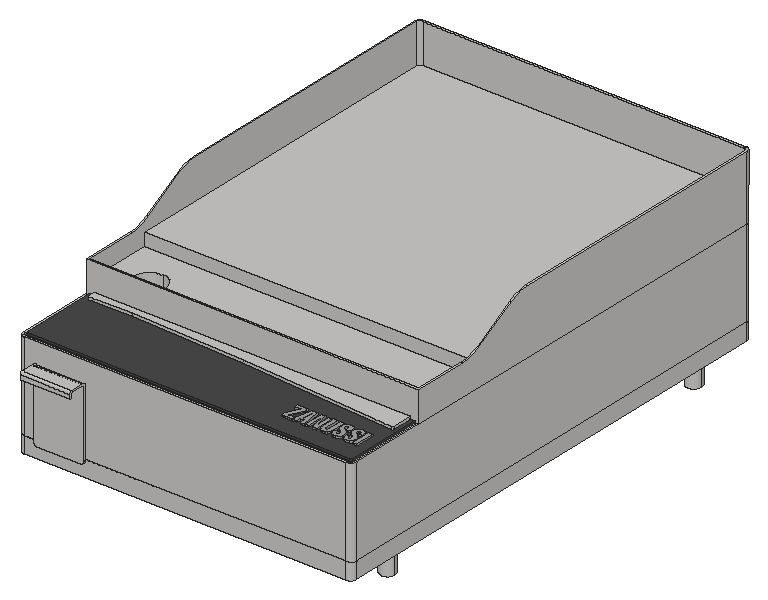
Revit family "QF_ZANUSSI_600898_Z1IREEOMCS", category Specialty Equipment, Revit 2018
Family settings
  Round Connector Dimension = Use Diameter
  Part Type = Normal
  Work Plane-Based = No
  Always vertical = Yes
  Cut with Voids When Loaded = No
  Shared = No
  Room Calculation Point = No
Parameters
  Watts = 0 W
  Volts = 0 V
  URL = ""
  Steam Supply Size = 0 mm
  Steam Supply Minimum Pressure = 0.0 Pa
  Steam Supply Maximum Pressure = 0.0 Pa
  Steam Pounds per Hour = 0
  Show Logo [instance] = yes
  Manufacturer = ""
  Phase = 0
  Model = ""
  Item Number = ""
  Hot Water Size = 0 mm
  HP = "4.7 HP"
  Gas Size = 0 mm
  Gas KW = 0
  Direct Waste Size = 0 mm
  Description = ""
  Cycle = 0 Hz
  Condensate Return Size = 0 mm
  Compressed Air Volume = 0.0 L/s
  Compressed Air Size = 0 mm
  Compressed Air Pressure = 0.0 Pa
  Cold Water Size = 0 mm
Types (2, lengths in mm): name | Volts | URL | Manufacturer | Phase | Model | Item Number | Description | Cycle
  (no name) | 0 V | "" | "" | 0 | "" | "" | "" | 0 Hz
  Standard | 220 V | "http://www.zanussiprofessional.com" | "Zanussi" | 1 | "Z1IREEOMCS" | "600898" | "PLUG-IN INDUCTION GRIDDLE, STAINLESS STEEL SMOOTH PLATE" | 60 Hz
Reference planes
  plane 1 "Centro (Fronte/Retro)": y = 74.737
  plane 2: z = 0
  plane 3: x = -514.269
  plane 4 "LEFT": x = -714.269
  plane 5 "RIGHT": x = -314.269
  plane 6 "BACK": y = 374.737
  plane 7 "FRONT": y = -225.263
  plane 8: x = -712.269
  plane 9: y = 372.737
  plane 10: x = -316.269
  plane 11: y = -223.263
  plane 12: y = -124.263
  plane 13: x = -701.269
  plane 14: x = -327.269
  plane 15: y = 304.737
  plane 16: y = -155.263
  plane 17: x = -442.269
  plane 18: y = 179.737
  plane 19: z = 764
Forms (mm)
  Extrusion 1, solid, material "QF_Finishes_Stainless Steel"
    sketch origin (0, 0, 788) x (1, 0, 0) y (0, 1, 0)
      loop
        arc (-707.269, 374.737) -> (-712.218, 372.687) -> (-714.269, 367.737) r 7
        line (-714.269, 367.737) -> (-714.269, -218.263)
        arc (-714.269, -218.263) -> (-712.218, -223.213) -> (-707.269, -225.263) r 7
        line (-707.269, -225.263) -> (-321.269, -225.263)
        arc (-321.269, -225.263) -> (-316.319, -223.213) -> (-314.269, -218.263) r 7
        line (-314.269, -218.263) -> (-314.269, 367.737)
        arc (-314.269, 367.737) -> (-316.319, 372.687) -> (-321.269, 374.737) r 7
        line (-321.269, 374.737) -> (-707.269, 374.737)
    from 0 to 20
  Extrusion 2, solid, material "QF_Finishes_Stainless Steel"
    sketch origin (0, 0, 788) x (1, 0, 0) y (0, 1, 0)
      loop
        line (-321.269, 374.737) -> (-707.269, 374.737)
        arc (-707.269, 374.737) -> (-712.218, 372.687) -> (-714.269, 367.737) r 7
        line (-714.269, 367.737) -> (-714.269, -218.263)
        arc (-714.269, -218.263) -> (-712.218, -223.213) -> (-707.269, -225.263) r 7
        line (-707.269, -225.263) -> (-321.269, -225.263)
        arc (-321.269, -225.263) -> (-316.319, -223.213) -> (-314.269, -218.263) r 7
        line (-314.269, -218.263) -> (-314.269, 367.737)
        arc (-314.269, 367.737) -> (-316.319, 372.687) -> (-321.269, 374.737) r 7
      loop
        arc (-707.269, 372.737) -> (-710.804, 371.273) -> (-712.269, 367.737) r 5
        line (-712.269, 367.737) -> (-712.269, -218.263)
        arc (-712.269, -218.263) -> (-710.804, -221.798) -> (-707.269, -223.263) r 5
        line (-707.269, -223.263) -> (-321.269, -223.263)
        arc (-321.269, -223.263) -> (-317.733, -221.798) -> (-316.269, -218.263) r 5
        line (-316.269, -218.263) -> (-316.269, 367.737)
        arc (-316.269, 367.737) -> (-317.733, 371.273) -> (-321.269, 372.737) r 5
        line (-321.269, 372.737) -> (-707.269, 372.737)
    from 20 to 126
  Extrusion 3, solid, material "QF_Finishes_Black"
    sketch origin (0, 0, 914) x (-1, 0, 0) y (0, -1, 0)
      loop
        line (709.269, 124.263) -> (709.269, 218.263)
        arc (709.269, 218.263) -> (708.683, 219.677) -> (707.269, 220.263) r 2
        line (707.269, 220.263) -> (321.269, 220.263)
        arc (321.269, 220.263) -> (319.854, 219.677) -> (319.269, 218.263) r 2
        line (319.269, 218.263) -> (319.269, 124.263) -> (709.269, 124.263)
    from 0 to 2
  Extrusion 4, solid, material "QF_Finishes_Stainless Steel"
    sketch origin (0, 0, 140) x (-1, 0, 0) y (0, -1, 0)
      loop
        circle (701.269, -304.737) r 9
      loop
        circle (327.269, -304.737) r 9
      loop
        circle (701.269, 155.263) r 9
      loop
        circle (327.269, 155.263) r 9
    from 624 to 648
  Extrusion 5, solid, material "QF_Finishes_Stainless Steel"
    sketch origin (0, 0, 140) x (-1, 0, 0) y (0, -1, 0)
      loop
        circle (442.269, -179.737) r 10
    from 638.028 to 648
  Extrusion 6, solid, material "QF_Finishes_Stainless Steel"
    sketch origin (0, 0, 140) x (-1, 0, 0) y (0, -1, 0)
      loop
        line (321.269, -374.737) -> (707.269, -374.737)
        arc (707.269, -374.737) -> (712.218, -372.687) -> (714.269, -367.737) r 7
        line (714.269, -367.737) -> (714.269, 124.263) -> (314.269, 124.263) -> (314.269, -367.737)
        arc (314.269, -367.737) -> (316.319, -372.687) -> (321.269, -374.737) r 7
      loop
        line (712.269, 122.263) -> (316.269, 122.263) -> (316.269, -367.737)
        arc (316.269, -367.737) -> (317.733, -371.273) -> (321.269, -372.737) r 5
        line (321.269, -372.737) -> (707.269, -372.737)
        arc (707.269, -372.737) -> (710.804, -371.273) -> (712.269, -367.737) r 5
        line (712.269, -367.737) -> (712.269, 122.263)
    from 774 to 851
  Extrusion 7, void
    sketch origin (-714.269, 367.737, 140) x (0, 1, 0) y (0, 0, 1)
      loop
        line (-492, 851) -> (-492, 811) -> (-425.278, 811)
        arc (-425.278, 811) -> (-412.445, 812.675) -> (-400.471, 817.588) r 50
        line (-400.471, 817.588) -> (-353.529, 844.412)
        arc (-353.529, 844.412) -> (-341.555, 849.325) -> (-328.722, 851) r 50
        line (-328.722, 851) -> (-492, 851)
    from 0 to 400
  Extrusion 8, solid, material "QF_Finishes_Stainless Steel"
    sketch origin (0, 0, 140) x (-1, 0, 0) y (0, -1, 0)
      loop
        line (712.269, -367.737) -> (712.269, 40.263) -> (316.269, 40.263) -> (316.269, -367.737)
        arc (316.269, -367.737) -> (317.733, -371.273) -> (321.269, -372.737) r 5
        line (321.269, -372.737) -> (707.269, -372.737)
        arc (707.269, -372.737) -> (710.804, -371.273) -> (712.269, -367.737) r 5
    from 774 to 804.06
  Extrusion 9, solid, material "QF_Finishes_Stainless Steel"
    sketch origin (0, 0, 140) x (-1, 0, 0) y (0, -1, 0)
      loop
        line (712.269, 40.263) -> (712.269, 122.263) -> (316.269, 122.263) -> (316.269, 40.263) -> (712.269, 40.263)
    from 774 to 789
  Extrusion 10, solid, material "QF_Finishes_Stainless Steel"
    sketch origin (-695.269, 367.737, 788) x (0, -1, 0) y (0, 0, 1)
      loop
        line (593, 14) -> (594.5, 14) -> (594.5, 99)
        arc (594.5, 99) -> (594.939, 100.061) -> (596, 100.5) r 1.5
        line (596, 100.5) -> (612, 100.5)
        arc (612, 100.5) -> (613.061, 100.061) -> (613.5, 99) r 1.5
        line (613.5, 99) -> (613.5, 94) -> (615, 94) -> (615, 99)
        arc (615, 99) -> (614.121, 101.121) -> (612, 102) r 3
        line (612, 102) -> (596, 102)
        arc (596, 102) -> (593.879, 101.121) -> (593, 99) r 3
        line (593, 99) -> (593, 14)
    from 0 to -60
  Extrusion 11, void
    sketch origin (-695.269, -226.763, 802) x (0, 0, 1) y (1, 0, 0)
      loop
        arc (4, 0) -> (1.172, 1.172) -> (0, 4) r 4
        line (0, 4) -> (0, 0) -> (4, 0)
      loop
        line (4, 60) -> (0, 60) -> (0, 56)
        arc (0, 56) -> (1.172, 58.828) -> (4, 60) r 4
    from 1.5 to 0
  Extrusion 12, void
    sketch origin (-695.269, -247.263, 890) x (0, 0, 1) y (1, 0, 0)
      loop
        arc (-4, 0) -> (-6.828, 1.172) -> (-8, 4) r 4
        line (-8, 4) -> (-8, 0) -> (-4, 0)
      loop
        line (-4, 60) -> (-8, 60) -> (-8, 56)
        arc (-8, 56) -> (-6.828, 58.828) -> (-4, 60) r 4
    from 0 to 1.5
  Extrusion 13, void
    sketch origin (3.3, 0, 929) x (0, -1, 0) y (-1, 0, 0)
      loop
        circle (91.263, 667.536) r 19
    from 0 to 71.307
  Extrusion 14, solid, material "QF_Finishes_Stainless Steel"
    sketch origin (0, 0, 914) x (-1, 0, 0) y (0, -1, 0)
      loop
        arc (702.769, 124.263) -> (703.829, 124.702) -> (704.269, 125.763) r 1.5
        line (704.269, 125.763) -> (704.269, 132.763)
        arc (704.269, 132.763) -> (703.829, 133.824) -> (702.769, 134.263) r 1.5
        line (702.769, 134.263) -> (651.769, 134.263)
        arc (651.769, 134.263) -> (582.973, 135.513) -> (514.269, 139.263) r 1893.125
        arc (514.269, 139.263) -> (420.209, 148.26) -> (325.769, 151.263) r 1486.51
        arc (325.769, 151.263) -> (324.708, 150.824) -> (324.269, 149.763) r 1.5
        line (324.269, 149.763) -> (324.269, 125.763)
        arc (324.269, 125.763) -> (324.708, 124.702) -> (325.769, 124.263) r 1.5
        line (325.769, 124.263) -> (702.769, 124.263)
    from 2 to 5
Cuts and joins
  Extrusion 7 cuts Extrusion 6
  Extrusion 11 cuts Extrusion 1
  Extrusion 11 cuts Extrusion 10
  Extrusion 13 cuts Extrusion 9
Lines and regions (mm)
  symbolic lines
    curve 1: line (-321.269, 374.737, 126) -> (-707.269, 374.737, 126)
    curve 2: arc (-707.269, 374.737, 126) -> (-712.218, 372.687, 126) -> (-714.269, 367.737, 126) r 7
    curve 3: line (-714.269, 367.737, 126) -> (-714.269, -218.263, 126)
    curve 4: arc (-714.269, -218.263, 126) -> (-712.218, -223.213, 126) -> (-707.269, -225.263, 126) r 7
    curve 5: line (-707.269, -225.263, 126) -> (-321.269, -225.263, 126)
    curve 6: arc (-321.269, -225.263, 126) -> (-316.319, -223.213, 126) -> (-314.269, -218.263, 126) r 7
    curve 7: line (-314.269, -218.263, 126) -> (-314.269, 367.737, 126)
    curve 8: arc (-314.269, 367.737, 126) -> (-316.319, 372.687, 126) -> (-321.269, 374.737, 126) r 7
    curve 9: line (-707.269, 372.737, 126) -> (-321.269, 372.737, 126)
    curve 10: arc (-321.269, 372.737, 126) -> (-317.733, 371.273, 126) -> (-316.269, 367.737, 126) r 5
    curve 11: line (-316.269, 367.737, 126) -> (-316.269, -218.263, 126)
    curve 12: arc (-316.269, -218.263, 126) -> (-317.733, -221.798, 126) -> (-321.269, -223.263, 126) r 5
    curve 13: line (-321.269, -223.263, 126) -> (-707.269, -223.263, 126)
    curve 14: arc (-707.269, -223.263, 126) -> (-710.804, -221.798, 126) -> (-712.269, -218.263, 126) r 5
    curve 15: line (-712.269, -218.263, 126) -> (-712.269, 367.737, 126)
    curve 16: arc (-712.269, 367.737, 126) -> (-710.804, 371.273, 126) -> (-707.269, 372.737, 126) r 5
    curve 17: line (-319.269, -218.263, 126) -> (-319.269, -124.263, 126)
    curve 18: line (-709.269, -124.263, 126) -> (-709.269, -218.263, 126)
    curve 19: arc (-709.269, -218.263, 126) -> (-708.683, -219.677, 126) -> (-707.269, -220.263, 126) r 2
    curve 20: line (-707.269, -220.263, 126) -> (-321.269, -220.263, 126)
    curve 21: arc (-321.269, -220.263, 126) -> (-319.854, -219.677, 126) -> (-319.269, -218.263, 126) r 2
    curve 22: line (-709.269, -124.263, 0) -> (-319.269, -124.263, 0)
    curve 23: line (-712.269, -40.263, 126) -> (-316.269, -40.263, 126)
    curve 24: arc (-664.236, -110.263, 126) -> (-683.236, -91.263, 126) -> (-664.236, -72.263, 126) r 19
    curve 25: arc (-664.236, -72.263, 126) -> (-645.236, -91.263, 126) -> (-664.236, -110.263, 126) r 19
    curve 26: line (-316.269, -122.263, 126) -> (-712.269, -122.263, 126)
    curve 27: line (-695.269, -225.263, 126) -> (-695.269, -247.263, 126)
    curve 28: line (-695.269, -247.263, 126) -> (-635.269, -247.263, 126)
    curve 29: line (-635.269, -247.263, 126) -> (-635.269, -225.263, 126)
    curve 30: arc (-702.769, -124.263, 126) -> (-703.829, -124.702, 126) -> (-704.269, -125.763, 126) r 1.5
    curve 31: line (-704.269, -125.763, 126) -> (-704.269, -132.763, 126)
    curve 32: arc (-704.269, -132.763, 126) -> (-703.829, -133.824, 126) -> (-702.769, -134.263, 126) r 1.5
    curve 33: line (-702.769, -134.263, 126) -> (-651.769, -134.263, 126)
    curve 34: arc (-324.269, -125.763, 126) -> (-324.708, -124.702, 126) -> (-325.769, -124.263, 126) r 1.5
    curve 35: line (-324.269, -149.763, 126) -> (-324.269, -125.763, 126)
    curve 36: arc (-325.769, -151.263, 126) -> (-324.708, -150.824, 126) -> (-324.269, -149.763, 126) r 1.5
    curve 37: arc (-651.769, -134.263, 126) -> (-582.973, -135.513, 126) -> (-514.269, -139.263, 126) r 1893.125
    curve 38: arc (-514.269, -139.263, 126) -> (-420.209, -148.26, 126) -> (-325.769, -151.263, 126) r 1486.51
    curve 39: line (-415.208, -176.613, 126) -> (-422.226, -191.352, 126)
    curve 40: line (-422.226, -191.352, 126) -> (-422.226, -196.265, 126)
    curve 41: line (-422.226, -196.265, 126) -> (-409.452, -196.265, 126)
    curve 42: line (-409.452, -196.265, 126) -> (-409.452, -191.352, 126)
    curve 43: line (-409.452, -191.352, 126) -> (-416.821, -191.352, 126)
    curve 44: line (-416.821, -191.352, 126) -> (-409.452, -176.332, 126)
    curve 45: line (-409.452, -176.332, 126) -> (-409.452, -172.261, 126)
    curve 46: line (-409.452, -172.261, 126) -> (-421.665, -172.261, 126)
    curve 47: line (-421.665, -172.261, 126) -> (-421.665, -176.753, 126)
    curve 48: line (-421.665, -176.753, 126) -> (-415.208, -176.613, 126)
    curve 49: line (-404.82, -172.261, 126) -> (-409.172, -196.265, 126)
    curve 50: line (-409.172, -196.265, 126) -> (-404.118, -196.265, 126)
    curve 51: line (-404.118, -196.265, 126) -> (-403.416, -191.633, 126)
    curve 52: line (-403.416, -191.633, 126) -> (-399.346, -191.633, 126)
    curve 53: line (-399.346, -191.633, 126) -> (-398.644, -196.265, 126)
    curve 54: line (-398.644, -196.265, 126) -> (-393.59, -196.265, 126)
    curve 55: line (-393.59, -196.265, 126) -> (-398.082, -172.261, 126)
    curve 56: line (-398.082, -172.261, 126) -> (-404.82, -172.261, 126)
    curve 57: line (-401.451, -176.364, 126) -> (-400.047, -187.281, 126)
    curve 58: line (-400.047, -187.281, 126) -> (-402.855, -187.281, 126)
    curve 59: line (-402.855, -187.281, 126) -> (-401.451, -176.364, 126)
    curve 60: line (-393.309, -172.261, 126) -> (-393.309, -196.265, 126)
    curve 61: line (-393.309, -196.265, 126) -> (-388.958, -196.265, 126)
    curve 62: line (-388.958, -196.265, 126) -> (-388.958, -180.403, 126)
    curve 63: line (-388.958, -180.403, 126) -> (-384.887, -196.265, 126)
    curve 64: line (-384.887, -196.265, 126) -> (-379.553, -196.265, 126)
    curve 65: line (-379.553, -196.265, 126) -> (-379.553, -172.261, 126)
    curve 66: line (-379.553, -172.261, 126) -> (-384.045, -172.261, 126)
    curve 67: line (-384.045, -172.261, 126) -> (-384.045, -187.562, 126)
    curve 68: line (-384.045, -187.562, 126) -> (-388.116, -172.261, 126)
    curve 69: line (-388.116, -172.261, 126) -> (-393.309, -172.261, 126)
    curve 70: line (-378.43, -172.261, 126) -> (-378.43, -188.404, 126)
    curve 71: line (-378.43, -188.404, 126) -> (-378.149, -192.334, 126)
    curve 72: line (-378.149, -192.334, 126) -> (-377.728, -193.317, 126)
    curve 73: line (-377.728, -193.317, 126) -> (-376.745, -194.58, 126)
    curve 74: line (-376.745, -194.58, 126) -> (-375.763, -195.282, 126)
    curve 75: line (-375.763, -195.282, 126) -> (-373.797, -196.124, 126)
    curve 76: line (-373.797, -196.124, 126) -> (-372.815, -196.265, 126)
    curve 77: line (-372.815, -196.265, 126) -> (-370.569, -196.265, 126)
    curve 78: line (-370.569, -196.265, 126) -> (-369.446, -195.984, 126)
    curve 79: line (-369.446, -195.984, 126) -> (-367.761, -195.001, 126)
    curve 80: line (-367.761, -195.001, 126) -> (-365.796, -192.194, 126)
    curve 81: line (-365.796, -192.194, 126) -> (-365.656, -191.211, 126)
    curve 82: line (-365.656, -191.211, 126) -> (-365.656, -172.261, 126)
    curve 83: line (-365.656, -172.261, 126) -> (-370.569, -172.261, 126)
    curve 84: line (-370.569, -172.261, 126) -> (-370.569, -190.088, 126)
    curve 85: line (-370.569, -190.088, 126) -> (-371.13, -191.352, 126)
    curve 86: line (-371.13, -191.352, 126) -> (-372.675, -191.492, 126)
    curve 87: line (-372.675, -191.492, 126) -> (-373.517, -190.509, 126)
    curve 88: line (-373.517, -190.509, 126) -> (-373.517, -172.261, 126)
    curve 89: line (-373.517, -172.261, 126) -> (-378.43, -172.261, 126)
    curve 90: line (-353.163, -184.895, 126) -> (-358.778, -179.841, 126)
    curve 91: line (-358.778, -179.841, 126) -> (-359.479, -178.999, 126)
    curve 92: line (-359.479, -178.999, 126) -> (-359.76, -176.753, 126)
    curve 93: line (-359.76, -176.753, 126) -> (-358.076, -175.911, 126)
    curve 94: line (-358.076, -175.911, 126) -> (-356.672, -176.893, 126)
    curve 95: line (-356.672, -176.893, 126) -> (-356.532, -179.841, 126)
    curve 96: line (-356.532, -179.841, 126) -> (-351.899, -179.841, 126)
    curve 97: line (-351.899, -179.841, 126) -> (-352.18, -175.068, 126)
    curve 98: line (-352.18, -175.068, 126) -> (-355.128, -172.401, 126)
    curve 99: line (-355.128, -172.401, 126) -> (-363.269, -173.805, 126)
    curve 100: line (-363.269, -173.805, 126) -> (-364.252, -180.824, 126)
    curve 101: line (-364.252, -180.824, 126) -> (-362.006, -184.052, 126)
    curve 102: line (-362.006, -184.052, 126) -> (-359.62, -186.158, 126)
    curve 103: line (-359.62, -186.158, 126) -> (-356.672, -189.106, 126)
    curve 104: line (-356.672, -189.106, 126) -> (-357.233, -191.773, 126)
    curve 105: line (-357.233, -191.773, 126) -> (-359.058, -191.913, 126)
    curve 106: line (-359.058, -191.913, 126) -> (-360.041, -187.842, 126)
    curve 107: line (-360.041, -187.842, 126) -> (-364.954, -187.842, 126)
    curve 108: line (-364.954, -187.842, 126) -> (-363.55, -194.44, 126)
    curve 109: line (-363.55, -194.44, 126) -> (-357.374, -196.265, 126)
    curve 110: line (-357.374, -196.265, 126) -> (-351.759, -192.334, 126)
    curve 111: line (-351.759, -192.334, 126) -> (-353.163, -184.895, 126)
    curve 112: line (-339.266, -184.754, 126) -> (-345.161, -179.42, 126)
    curve 113: line (-345.161, -179.42, 126) -> (-345.863, -177.595, 126)
    curve 114: line (-345.863, -177.595, 126) -> (-345.302, -176.191, 126)
    curve 115: line (-345.302, -176.191, 126) -> (-344.038, -175.911, 126)
    curve 116: line (-344.038, -175.911, 126) -> (-342.635, -176.893, 126)
    curve 117: line (-342.635, -176.893, 126) -> (-342.494, -179.701, 126)
    curve 118: line (-342.494, -179.701, 126) -> (-337.722, -179.841, 126)
    curve 119: line (-337.722, -179.841, 126) -> (-338.283, -174.928, 126)
    curve 120: line (-338.283, -174.928, 126) -> (-345.723, -171.98, 126)
    curve 121: line (-345.723, -171.98, 126) -> (-350.215, -175.63, 126)
    curve 122: line (-350.215, -175.63, 126) -> (-348.951, -182.929, 126)
    curve 123: line (-348.951, -182.929, 126) -> (-343.758, -187.562, 126)
    curve 124: line (-343.758, -187.562, 126) -> (-342.635, -189.246, 126)
    curve 125: line (-342.635, -189.246, 126) -> (-343.056, -191.773, 126)
    curve 126: line (-343.056, -191.773, 126) -> (-344.46, -192.054, 126)
    curve 127: line (-344.46, -192.054, 126) -> (-346.003, -187.702, 126)
    curve 128: line (-346.003, -187.702, 126) -> (-350.917, -187.842, 126)
    curve 129: line (-350.917, -187.842, 126) -> (-349.092, -194.721, 126)
    curve 130: line (-349.092, -194.721, 126) -> (-341.091, -195.703, 126)
    curve 131: line (-341.091, -195.703, 126) -> (-338.002, -192.896, 126)
    curve 132: line (-338.002, -192.896, 126) -> (-339.266, -184.754, 126)
    curve 133: line (-331.966, -172.261, 126) -> (-336.879, -172.261, 126)
    curve 134: line (-336.879, -172.261, 126) -> (-336.879, -196.265, 126)
    curve 135: line (-336.879, -196.265, 126) -> (-331.966, -196.265, 126)
    curve 136: line (-331.966, -196.265, 126) -> (-331.966, -172.261, 126)
Dimensions and locks
  equal spacing: plane 4 "LEFT", plane 3, plane 5 "RIGHT"
  plane 4 "LEFT" to plane 5 "RIGHT" = 400 mm
  equal spacing: plane 6 "BACK", plane 1 "Centro (Fronte/Retro)", plane 7 "FRONT"
  plane 6 "BACK" to plane 7 "FRONT" = 600 mm
  locked: plane 4 "LEFT" to plane 13 at 13
  locked: plane 14 to plane 5 "RIGHT" at 13
  locked: plane 6 "BACK" to plane 15 at 70
  locked: plane 16 to plane 7 "FRONT" at 70
  locked: plane 17 to plane 5 "RIGHT" at 128
  locked: plane 6 "BACK" to plane 18 at 195
  plane 19 to level = 764 mm
  aligned and locked: level to plane 2
Automatic sketch dimensions
  curve 22 to plane 12 = 0 mm
  plane 8 to curve 22 = 3 mm
  curve 22 to plane 10 = 3 mm
  curve 2 to curve 16 = 0 mm  (x2)
  curve 4 to curve 14 = 0 mm  (x2)
  curve 4 to curve 19 = 0 mm  (x2)
  curve 6 to curve 12 = 0 mm  (x2)
  curve 6 to curve 21 = 0 mm  (x2)
  curve 8 to curve 10 = 0 mm  (x2)
  curve 12 to curve 21 = 0 mm  (x2)
  curve 14 to curve 19 = 0 mm  (x2)
  curve 24 to curve 25 = 0 mm  (x2)
  curve 6 to plane 5 "RIGHT" = 0 mm
  curve 12 to plane 10 = 0 mm
  curve 17 to plane 12 = 0 mm
  curve 5 to plane 7 "FRONT" = 0 mm
  curve 8 to plane 6 "BACK" = 0 mm
  curve 34 to plane 12 = 0 mm
  curve 38 to plane 3 = 0 mm
  curve 30 to plane 12 = 0 mm
  curve 18 to plane 12 = 0 mm
  curve 16 to plane 8 = 0 mm
  curve 12 to curve 17 = 3 mm
  curve 21 to curve 6 = 2 mm
  curve 8 to plane 9 = 5 mm
  plane 14 to curve 35 = 3 mm
  curve 34 to plane 12 = 1.5 mm
  curve 36 to curve 36 = 1.5 mm
  curve 135 to plane 14 = 4.698 mm
  curve 135 to curve 135 = 4.913 mm
  curve 133 to curve 119 = 0.842 mm
  curve 134 to curve 132 = 1.123 mm
  curve 133 to curve 120 = 1.404 mm
  curve 118 to curve 132 = 1.544 mm
  curve 131 to curve 130 = 3.088 mm
  curve 118 to curve 118 = 4.773 mm
  curve 117 to curve 116 = 0.141 mm
  curve 112 to curve 125 = 3.369 mm
  curve 124 to curve 126 = 0.421 mm
  curve 124 to curve 124 = 1.123 mm
  curve 116 to curve 116 = 1.404 mm
  curve 125 to curve 127 = 1.404 mm
  curve 117 to curve 113 = 2.667 mm
  curve 115 to curve 114 = 1.263 mm
  curve 114 to curve 121 = 0.421 mm
  curve 114 to curve 114 = 0.562 mm
  curve 123 to curve 127 = 2.246 mm
  curve 112 to curve 122 = 3.79 mm
  curve 126 to curve 129 = 4.632 mm
  curve 113 to curve 121 = 4.352 mm
  curve 127 to curve 128 = 4.913 mm
  curve 129 to curve 111 = 2.667 mm
  curve 122 to curve 97 = 2.948 mm
  curve 121 to curve 98 = 1.965 mm
  curve 128 to curve 90 = 2.246 mm
  curve 97 to curve 99 = 2.948 mm
  curve 96 to curve 95 = 4.632 mm
  curve 95 to curve 95 = 0.14 mm
  curve 90 to curve 103 = 3.509 mm
  curve 103 to curve 105 = 0.562 mm
  curve 104 to curve 110 = 0.14 mm
  curve 94 to curve 94 = 1.404 mm
  curve 95 to curve 91 = 2.246 mm
  curve 104 to curve 106 = 1.825 mm
  curve 90 to curve 91 = 0.702 mm
  curve 103 to curve 103 = 2.948 mm
  curve 93 to curve 92 = 1.684 mm
  curve 102 to curve 106 = 0.421 mm
  curve 102 to curve 101 = 2.386 mm
  curve 92 to curve 100 = 3.509 mm
  curve 105 to curve 109 = 4.492 mm
  curve 101 to curve 101 = 2.246 mm
  curve 101 to curve 108 = 2.948 mm
  curve 99 to curve 83 = 2.386 mm
  curve 81 to curve 81 = 0.14 mm
  curve 80 to curve 80 = 1.965 mm
  curve 79 to curve 78 = 1.685 mm
  curve 81 to curve 85 = 4.913 mm
  curve 78 to curve 78 = 1.123 mm
  curve 84 to curve 86 = 0.561 mm
  curve 85 to curve 87 = 1.544 mm
  curve 77 to curve 77 = 2.246 mm
  curve 86 to curve 87 = 0.842 mm
  curve 76 to curve 75 = 0.982 mm
  curve 75 to curve 74 = 1.965 mm
  curve 74 to curve 74 = 0.983 mm
  curve 73 to curve 72 = 0.983 mm
  curve 72 to curve 71 = 0.421 mm
  curve 71 to curve 70 = 0.281 mm
  curve 70 to curve 65 = 1.123 mm
  curve 65 to curve 66 = 4.492 mm
  curve 64 to curve 64 = 5.334 mm
  curve 66 to curve 69 = 4.071 mm
  curve 63 to curve 62 = 4.071 mm
  curve 61 to curve 60 = 4.352 mm
  curve 60 to curve 54 = 0.281 mm
  curve 55 to plane 16 = 16.998 mm
  curve 60 to curve 55 = 4.773 mm
  curve 54 to curve 54 = 5.053 mm
  curve 53 to curve 52 = 0.702 mm
  curve 52 to curve 58 = 0.702 mm
  curve 55 to curve 59 = 3.369 mm
  curve 57 to curve 58 = 2.807 mm
  curve 52 to curve 52 = 4.071 mm
  curve 51 to curve 51 = 0.702 mm
  curve 57 to curve 49 = 3.369 mm
  curve 50 to curve 50 = 5.054 mm
  curve 49 to curve 45 = 4.632 mm
  curve 49 to curve 42 = 0.281 mm
  curve 44 to curve 48 = 5.755 mm
  curve 42 to curve 43 = 7.368 mm
  curve 39 to curve 48 = 6.457 mm
  curve 43 to curve 41 = 5.406 mm
  curve 29 to plane 7 "FRONT" = 22 mm
  plane 13 to curve 29 = 66 mm
  plane 13 to curve 37 = 49.5 mm
  plane 13 to curve 24 = 37.033 mm
  plane 13 to curve 27 = 6 mm
  curve 33 to plane 13 = 1.5 mm
  curve 30 to plane 13 = 1.5 mm
  curve 32 to curve 31 = 1.5 mm
  plane 8 to curve 16 = 5 mm
  curve 14 to curve 18 = 2 mm
  plane 6 "BACK" to curve 38 = 960.51 mm
  plane 12 to curve 24 = 33 mm
  curve 30 to curve 32 = 7 mm
  plane 16 to curve 35 = 5.5 mm
  curve 121 to plane 16 = 16.717 mm
  curve 88 to plane 16 = 16.998 mm
  curve 88 to curve 84 = 0 mm
  curve 120 to curve 133 = 0.281 mm
  curve 45 to curve 49 = 0 mm
  curve 55 to curve 60 = 0 mm
  curve 68 to curve 67 = 0 mm
  curve 120 to curve 98 = 0.421 mm
  curve 82 to curve 99 = 1.544 mm
  curve 133 to curve 119 = 2.667 mm
  curve 98 to curve 98 = 2.667 mm
  curve 97 to curve 122 = 0.561 mm
  curve 120 to curve 115 = 3.93 mm
  curve 98 to curve 93 = 3.509 mm
  curve 115 to curve 114 = 0.281 mm
  curve 45 to curve 44 = 4.071 mm
  curve 55 to curve 59 = 4.103 mm
  curve 44 to curve 39 = 0.281 mm
  curve 93 to curve 93 = 0.842 mm
  curve 46 to curve 48 = 4.492 mm
  curve 93 to curve 94 = 0.983 mm
  curve 115 to curve 116 = 0.983 mm
  curve 114 to curve 114 = 1.404 mm
  curve 92 to curve 91 = 2.246 mm
  curve 113 to curve 112 = 1.825 mm
  curve 112 to curve 118 = 0.281 mm
  curve 121 to curve 96 = 4.211 mm
  curve 117 to curve 119 = 0.14 mm
  curve 91 to curve 90 = 0.842 mm
  curve 68 to curve 62 = 8.142 mm
  curve 91 to curve 100 = 1.825 mm
  curve 96 to curve 122 = 3.088 mm
  curve 100 to curve 101 = 3.228 mm
  curve 118 to curve 112 = 4.913 mm
  curve 122 to curve 90 = 1.965 mm
  curve 101 to curve 102 = 2.106 mm
  curve 57 to curve 59 = 10.917 mm
  curve 62 to curve 68 = 7.159 mm
  curve 112 to curve 124 = 2.807 mm
  curve 123 to curve 128 = 0.14 mm
  curve 90 to curve 128 = 2.948 mm
  curve 101 to curve 108 = 3.79 mm
  curve 67 to curve 70 = 0.842 mm
  curve 106 to curve 103 = 1.264 mm
  curve 123 to curve 124 = 1.685 mm
  curve 107 to curve 84 = 2.246 mm
  curve 84 to curve 87 = 0.421 mm
  curve 107 to curve 81 = 3.369 mm
  curve 47 to curve 39 = 14.599 mm
  curve 58 to curve 43 = 4.071 mm
  curve 84 to curve 85 = 1.263 mm
  curve 87 to curve 87 = 0.983 mm
  curve 57 to curve 53 = 4.352 mm
  curve 124 to curve 125 = 2.527 mm
  curve 103 to curve 104 = 2.667 mm
  curve 104 to curve 105 = 0.14 mm
  curve 125 to curve 126 = 0.281 mm
  curve 81 to curve 80 = 0.982 mm
  curve 128 to curve 110 = 4.492 mm
  curve 70 to curve 72 = 3.93 mm
  curve 125 to curve 131 = 1.123 mm
  curve 71 to curve 73 = 0.983 mm
  curve 80 to curve 109 = 2.246 mm
  curve 72 to curve 74 = 1.263 mm
  curve 110 to curve 130 = 2.386 mm
  curve 80 to curve 79 = 2.808 mm
  curve 73 to curve 75 = 0.702 mm
  curve 131 to curve 131 = 2.807 mm
  curve 79 to curve 79 = 0.983 mm
  curve 74 to curve 76 = 0.842 mm
  curve 52 to curve 61 = 4.632 mm
  curve 78 to curve 77 = 0.281 mm
  curve 52 to curve 54 = 4.632 mm
  curve 51 to curve 50 = 4.632 mm
  curve 61 to curve 63 = 0 mm
  curve 104 to curve 109 = 4.492 mm
  curve 42 to curve 49 = 0 mm
  curve 131 to curve 134 = 3.369 mm
  curve 28 to curve 37 = 1780.125 mm
  curve 23 to curve 24 = 51 mm
  curve 24 to curve 24 = 19 mm
  plane 12 to curve 26 = 2 mm
  Extrusion 1 sketch curve to plane 4 "LEFT" = 0 mm
  Extrusion 1 sketch curve to plane 7 "FRONT" = 0 mm
  Extrusion 1 sketch curve to plane 6 "BACK" = 0 mm
  Extrusion 1 sketch curve to plane 5 "RIGHT" = 0 mm
  plane 8 to Extrusion 1 sketch curve = 5 mm  (x2)
  Extrusion 1 sketch curve to plane 10 = 5 mm  (x2)
  Extrusion 2 sketch curve to Extrusion 2 sketch curve = 0 mm  (x8)
  Extrusion 2 sketch curve to plane 4 "LEFT" = 0 mm
  Extrusion 2 sketch curve to plane 8 = 0 mm
  Extrusion 2 sketch curve to plane 6 "BACK" = 0 mm
  Extrusion 2 sketch curve to plane 7 "FRONT" = 0 mm
  Extrusion 2 sketch curve to plane 10 = 0 mm
  Extrusion 2 sketch curve to Extrusion 2 sketch curve = 5 mm  (x2)
  Extrusion 2 sketch curve to plane 10 = 5 mm  (x2)
  Extrusion 3 sketch curve to plane 12 = 0 mm
  Extrusion 3 sketch curve to plane 10 = 3 mm
  Extrusion 3 sketch curve to Extrusion 3 sketch curve = 2 mm  (x2)
  plane 8 to Extrusion 3 sketch curve = 5 mm
  plane 11 to Extrusion 3 sketch curve = 5 mm
  Extrusion 4 sketch curve to plane 14 = 0 mm  (x2)
  Extrusion 4 sketch curve to plane 13 = 0 mm  (x2)
  Extrusion 4 sketch curve to plane 15 = 0 mm  (x2)
  Extrusion 4 sketch curve to plane 16 = 0 mm  (x2)
  Extrusion 5 sketch curve to plane 17 = 0 mm
  Extrusion 5 sketch curve to plane 18 = 0 mm
  Extrusion 6 sketch curve to Extrusion 6 sketch curve = 0 mm  (x4)
  Extrusion 6 sketch curve to plane 5 "RIGHT" = 0 mm
  Extrusion 6 sketch curve to plane 10 = 0 mm
  Extrusion 6 sketch curve to plane 9 = 0 mm
  Extrusion 6 sketch curve to plane 8 = 0 mm
  Extrusion 6 sketch curve to plane 12 = 0 mm
  Extrusion 6 sketch curve to plane 9 = 5 mm
  plane 8 to Extrusion 6 sketch curve = 5 mm
  plane 12 to Extrusion 6 sketch curve = 2 mm
  Extrusion 7 sketch curve to Extrusion 6 = 0 mm  (x2)
  Extrusion 7 sketch curve to Extrusion 6 = 37 mm
  Extrusion 6 to Extrusion 7 sketch curve = 66.722 mm
  Extrusion 7 sketch curve to Extrusion 6 = 33.412 mm
  Extrusion 7 sketch curve to Extrusion 7 sketch curve = 24.807 mm
  Extrusion 7 sketch curve to Extrusion 6 = 6.588 mm
  Extrusion 7 sketch curve to Extrusion 7 sketch curve = 46.943 mm
  Extrusion 7 sketch curve to Extrusion 6 = 27 mm
  Extrusion 8 sketch curve to plane 10 = 0 mm
  Extrusion 8 sketch curve to plane 9 = 0 mm
  Extrusion 8 sketch curve to plane 8 = 0 mm
  Extrusion 8 sketch curve to plane 10 = 5 mm
  Extrusion 8 sketch curve to Extrusion 8 sketch curve = 5 mm
  plane 12 to Extrusion 8 sketch curve = 84 mm
  Extrusion 9 sketch curve to plane 10 = 0 mm
  Extrusion 9 sketch curve to plane 8 = 0 mm
  plane 12 to Extrusion 9 sketch curve = 84 mm
  plane 12 to Extrusion 9 sketch curve = 2 mm
  Extrusion 10 sketch curve to Extrusion 10 sketch curve = 0 mm  (x5)
  Extrusion 10 sketch curve to plane 7 "FRONT" = 0 mm
  Extrusion 10 sketch curve to Extrusion 10 sketch curve = 1.5 mm  (x3)
  Extrusion 10 sketch curve to Extrusion 10 sketch curve = 16 mm
  plane 19 to Extrusion 10 sketch curve = 38 mm
  Extrusion 10 sketch curve to Extrusion 10 sketch curve = 80 mm
  Extrusion 10 sketch curve to Extrusion 10 sketch curve = 5 mm
  Extrusion 11 sketch curve to Extrusion 10 = 0 mm  (x4)
  Extrusion 11 sketch curve to Extrusion 11 sketch curve = 4 mm
  Extrusion 11 sketch curve to Extrusion 10 = 4 mm
  Extrusion 12 sketch curve to Extrusion 10 = 0 mm  (x4)
  Extrusion 10 to Extrusion 12 sketch curve = 1 mm  (x2)
  plane 12 to Extrusion 13 sketch curve = 33 mm
  plane 13 to Extrusion 13 sketch curve = 37.033 mm
  Extrusion 14 sketch curve to plane 12 = 0 mm
  Extrusion 14 sketch curve to plane 3 = 0 mm
  plane 14 to Extrusion 14 sketch curve = 1.5 mm  (x2)
  Extrusion 14 sketch curve to Extrusion 14 sketch curve = 1.5 mm
  plane 13 to Extrusion 14 sketch curve = 49.5 mm
  Extrusion 14 sketch curve to plane 13 = 1.5 mm  (x2)
  Extrusion 14 sketch curve to plane 12 = 1.5 mm
  plane 6 "BACK" to Extrusion 14 sketch curve = 960.51 mm
  Extrusion 14 sketch curve to Extrusion 14 sketch curve = 7 mm
  plane 16 to Extrusion 14 sketch curve = 5.5 mm
  Extrusion 14 sketch curve to plane 7 "FRONT" = 1802.125 mm
  radius of Extrusion 4 sketch curve = 9 mm  (x4)
  radius of Extrusion 5 sketch curve = 10 mm
  radius of Extrusion 13 sketch curve = 19 mm
Nested families
  nested 1: "ZAN_Logo_S_Grey" at (-377.096, -184.263, 916), visible <- "Show Logo", type "ZAN_Logo_S_Grey"
Connectors
  electrical at (-442.269, 179.737, 778.028)
    settings: on Extrusion 5, index 2, voltage 0 V, apparent load 0 VA, apparent load phase1 0 VA, apparent load phase2 0 VA, apparent load phase3 0 VA, power factor 1, load classification "Altro", number of poles 1, system type 30, power factor state 1, is connector primary yes, connector utility no, sub classification motor no, connector description ""
Definition of nested family "ZAN_Logo_S_Grey"
  Parameters (values of type "ZAN_Logo_S_Grey")
    Default Elevation = 0 mm
  Reference planes
    plane 1 "Centro (Fronte/Retro)": y = 0
    plane 2: z = 0
    plane 3 "Centro (Sinistra/Destra)": x = 0
  Forms (mm)
    Extrusion 1, solid
      sketch origin (0, 0, 0) x (1, 0, 0) y (0, 1, 0)
        loop
          line (-1219.2, 1219.2) -> (-1219.2, -1219.2) -> (1219.2, -1219.2) -> (1219.2, 1219.2) -> (-1219.2, 1219.2)
      from 0 to -304.8
    Extrusion 2, solid
      sketch origin (17.793, -46.218, 0) x (-1, 0, 0) y (0, -1, 0)
        loop
          spline (-4.176, -58.079) -> (-3.496, -58.328) -> (-2.793, -58.512) -> (-2.075, -58.63) -> (-1.348, -58.682) -> (-0.619, -58.669) -> (0.106, -58.588) -> (0.818, -58.44) -> (1.512, -58.225) -> (2.18, -57.941) -> (2.817, -57.589) -> (3.414, -57.167) -> (3.966, -56.676)
          spline (3.966, -56.676) -> (4.293, -56.162) -> (4.575, -55.61) -> (4.81, -55.026) -> (5, -54.419) -> (5.146, -53.797) -> (5.247, -53.166) -> (5.304, -52.536) -> (5.318, -51.913) -> (5.288, -51.306) -> (5.217, -50.723) -> (5.103, -50.17) -> (4.949, -49.657)
          line (4.949, -49.657) -> (2.702, -46.428) -> (0.316, -44.323)
          spline (0.316, -44.323) -> (0.065, -44.115) -> (-0.195, -43.909) -> (-0.46, -43.704) -> (-0.729, -43.496) -> (-0.997, -43.282) -> (-1.263, -43.059) -> (-1.523, -42.825) -> (-1.774, -42.576) -> (-2.013, -42.309) -> (-2.238, -42.022) -> (-2.445, -41.712) -> (-2.632, -41.375)
          spline (-2.632, -41.375) -> (-2.666, -41.159) -> (-2.697, -40.934) -> (-2.722, -40.701) -> (-2.736, -40.465) -> (-2.736, -40.227) -> (-2.72, -39.989) -> (-2.682, -39.754) -> (-2.621, -39.524) -> (-2.533, -39.302) -> (-2.414, -39.091) -> (-2.261, -38.892) -> (-2.07, -38.708)
          line (-2.07, -38.708) -> (-0.245, -38.567)
          spline (-0.245, -38.567) -> (0.096, -38.8) -> (0.354, -39.074) -> (0.54, -39.381) -> (0.664, -39.716) -> (0.738, -40.073) -> (0.772, -40.445) -> (0.777, -40.825) -> (0.763, -41.208) -> (0.742, -41.588) -> (0.723, -41.957) -> (0.718, -42.309) -> (0.737, -42.638)
          line (0.737, -42.638) -> (5.65, -42.638)
          spline (5.65, -42.638) -> (5.708, -42.042) -> (5.741, -41.448) -> (5.747, -40.857) -> (5.723, -40.273) -> (5.668, -39.696) -> (5.58, -39.129) -> (5.457, -38.574) -> (5.297, -38.032) -> (5.098, -37.506) -> (4.857, -36.997) -> (4.574, -36.508) -> (4.247, -36.041)
          spline (4.247, -36.041) -> (3.844, -35.675) -> (3.409, -35.35) -> (2.946, -35.065) -> (2.458, -34.819) -> (1.949, -34.612) -> (1.421, -34.444) -> (0.88, -34.314) -> (0.326, -34.221) -> (-0.234, -34.165) -> (-0.8, -34.146) -> (-1.366, -34.163) -> (-1.93, -34.216)
          spline (-1.93, -34.216) -> (-2.526, -34.309) -> (-3.116, -34.448) -> (-3.695, -34.633) -> (-4.259, -34.861) -> (-4.801, -35.131) -> (-5.316, -35.444) -> (-5.799, -35.798) -> (-6.245, -36.191) -> (-6.648, -36.624) -> (-7.002, -37.095) -> (-7.303, -37.603) -> (-7.545, -38.146)
          spline (-7.545, -38.146) -> (-7.694, -38.815) -> (-7.792, -39.487) -> (-7.839, -40.158) -> (-7.836, -40.824) -> (-7.785, -41.482) -> (-7.685, -42.129) -> (-7.539, -42.762) -> (-7.347, -43.377) -> (-7.111, -43.97) -> (-6.83, -44.538) -> (-6.506, -45.078) -> (-6.141, -45.586)
          line (-6.141, -45.586) -> (-0.526, -50.64) -> (0.176, -51.482)
          spline (0.176, -51.482) -> (0.248, -51.66) -> (0.323, -51.843) -> (0.397, -52.03) -> (0.467, -52.22) -> (0.529, -52.412) -> (0.579, -52.605) -> (0.615, -52.798) -> (0.633, -52.989) -> (0.63, -53.179) -> (0.601, -53.366) -> (0.545, -53.55) -> (0.456, -53.728)
          spline (0.456, -53.728) -> (0.375, -53.892) -> (0.273, -54.034) -> (0.154, -54.155) -> (0.02, -54.258) -> (-0.126, -54.343) -> (-0.28, -54.412) -> (-0.441, -54.466) -> (-0.604, -54.508) -> (-0.767, -54.537) -> (-0.928, -54.556) -> (-1.082, -54.567) -> (-1.228, -54.57)
          line (-1.228, -54.57) -> (-2.632, -53.587) -> (-2.772, -50.64) -> (-7.405, -50.64)
          spline (-7.405, -50.64) -> (-7.41, -51.031) -> (-7.423, -51.432) -> (-7.44, -51.839) -> (-7.456, -52.251) -> (-7.469, -52.665) -> (-7.475, -53.079) -> (-7.468, -53.489) -> (-7.446, -53.894) -> (-7.404, -54.291) -> (-7.339, -54.679) -> (-7.247, -55.053) -> (-7.123, -55.412)
          spline (-7.123, -55.412) -> (-6.999, -55.693) -> (-6.837, -55.97) -> (-6.643, -56.244) -> (-6.422, -56.509) -> (-6.177, -56.765) -> (-5.913, -57.009) -> (-5.634, -57.238) -> (-5.346, -57.45) -> (-5.051, -57.643) -> (-4.755, -57.814) -> (-4.462, -57.96) -> (-4.176, -58.079)
        loop
          spline (-21.021, -55.552) -> (-20.633, -56.181) -> (-20.177, -56.736) -> (-19.661, -57.217) -> (-19.092, -57.627) -> (-18.478, -57.966) -> (-17.827, -58.237) -> (-17.147, -58.441) -> (-16.446, -58.578) -> (-15.73, -58.652) -> (-15.009, -58.662) -> (-14.29, -58.611) -> (-13.581, -58.5)
          spline (-13.581, -58.5) -> (-13.088, -58.407) -> (-12.595, -58.269) -> (-12.109, -58.088) -> (-11.636, -57.866) -> (-11.183, -57.605) -> (-10.756, -57.307) -> (-10.361, -56.974) -> (-10.004, -56.608) -> (-9.692, -56.211) -> (-9.431, -55.784) -> (-9.228, -55.33) -> (-9.089, -54.851)
          spline (-9.089, -54.851) -> (-8.873, -54.211) -> (-8.715, -53.559) -> (-8.615, -52.901) -> (-8.574, -52.241) -> (-8.592, -51.585) -> (-8.668, -50.938) -> (-8.802, -50.306) -> (-8.995, -49.693) -> (-9.247, -49.106) -> (-9.557, -48.55) -> (-9.925, -48.03) -> (-10.352, -47.551)
          line (-10.352, -47.551) -> (-15.546, -42.919) -> (-16.669, -41.234)
          spline (-16.669, -41.234) -> (-16.704, -41.021) -> (-16.735, -40.804) -> (-16.761, -40.583) -> (-16.778, -40.361) -> (-16.784, -40.139) -> (-16.774, -39.919) -> (-16.748, -39.701) -> (-16.7, -39.488) -> (-16.63, -39.28) -> (-16.533, -39.08) -> (-16.406, -38.889) -> (-16.248, -38.708)
          line (-16.248, -38.708) -> (-14.844, -38.427)
          spline (-14.844, -38.427) -> (-14.347, -38.545) -> (-13.969, -38.749) -> (-13.695, -39.028) -> (-13.508, -39.368) -> (-13.393, -39.757) -> (-13.335, -40.182) -> (-13.318, -40.63) -> (-13.326, -41.089) -> (-13.344, -41.546) -> (-13.356, -41.988) -> (-13.347, -42.403) -> (-13.3, -42.779)
          line (-13.3, -42.779) -> (-8.387, -42.638)
          spline (-8.387, -42.638) -> (-8.326, -42.034) -> (-8.288, -41.417) -> (-8.277, -40.794) -> (-8.299, -40.169) -> (-8.357, -39.548) -> (-8.457, -38.936) -> (-8.604, -38.339) -> (-8.803, -37.762) -> (-9.058, -37.21) -> (-9.375, -36.689) -> (-9.758, -36.204) -> (-10.212, -35.76)
          spline (-10.212, -35.76) -> (-10.793, -35.336) -> (-11.409, -34.976) -> (-12.054, -34.679) -> (-12.723, -34.445) -> (-13.409, -34.273) -> (-14.107, -34.163) -> (-14.811, -34.115) -> (-15.515, -34.127) -> (-16.213, -34.2) -> (-16.899, -34.333) -> (-17.568, -34.526) -> (-18.213, -34.777)
          spline (-18.213, -34.777) -> (-18.496, -34.897) -> (-18.783, -35.044) -> (-19.071, -35.216) -> (-19.357, -35.412) -> (-19.639, -35.629) -> (-19.915, -35.865) -> (-20.182, -36.119) -> (-20.438, -36.389) -> (-20.681, -36.672) -> (-20.907, -36.967) -> (-21.115, -37.272) -> (-21.301, -37.585)
          spline (-21.301, -37.585) -> (-21.55, -38.26) -> (-21.734, -38.948) -> (-21.854, -39.647) -> (-21.91, -40.351) -> (-21.901, -41.057) -> (-21.828, -41.761) -> (-21.69, -42.459) -> (-21.489, -43.148) -> (-21.222, -43.823) -> (-20.892, -44.48) -> (-20.497, -45.116) -> (-20.038, -45.726)
          line (-20.038, -45.726) -> (-14.142, -51.061) -> (-13.44, -52.886) -> (-14.002, -54.289) -> (-15.265, -54.57) -> (-16.669, -53.587) -> (-16.81, -50.78) -> (-21.582, -50.64)
          spline (-21.582, -50.64) -> (-21.558, -51.063) -> (-21.55, -51.491) -> (-21.554, -51.92) -> (-21.561, -52.35) -> (-21.567, -52.778) -> (-21.565, -53.201) -> (-21.547, -53.619) -> (-21.509, -54.029) -> (-21.444, -54.43) -> (-21.345, -54.818) -> (-21.206, -55.193) -> (-21.021, -55.552)
        loop
          line (-22.424, -34.216) -> (-27.337, -34.216) -> (-27.337, -58.22) -> (-22.424, -58.22) -> (-22.424, -34.216)
        loop
          line (14.213, -39.971) -> (14.213, -58.22) -> (19.126, -58.22) -> (19.126, -42.077) -> (18.845, -38.146) -> (18.424, -37.164) -> (17.442, -35.9) -> (16.459, -35.199) -> (14.494, -34.356) -> (13.511, -34.216) -> (11.265, -34.216) -> (10.142, -34.497) -> (8.458, -35.479) -> (6.493, -38.287) -> (6.352, -39.269) -> (6.352, -58.22) -> (11.265, -58.22) -> (11.265, -40.392) -> (11.827, -39.129) -> (13.371, -38.988) -> (14.213, -39.971)
        loop
          line (20.249, -58.22) -> (24.741, -58.22) -> (24.741, -42.919) -> (28.812, -58.22) -> (34.006, -58.22) -> (34.006, -34.216) -> (29.654, -34.216) -> (29.654, -50.078) -> (25.583, -34.216) -> (20.249, -34.216) -> (20.249, -58.22)
        loop
          line (50.149, -58.22) -> (62.361, -58.22) -> (62.361, -53.728) -> (55.904, -53.868) -> (62.923, -39.129) -> (62.923, -34.216) -> (50.149, -34.216) -> (50.149, -39.129) -> (57.517, -39.129) -> (50.149, -54.149) -> (50.149, -58.22)
        loop
          line (38.778, -58.22) -> (45.516, -58.22) -> (49.868, -34.216) -> (44.814, -34.216) -> (44.113, -38.848) -> (40.042, -38.848) -> (39.34, -34.216) -> (34.286, -34.216) -> (38.778, -58.22)
        loop
          line (43.551, -43.2) -> (40.744, -43.2) -> (42.147, -54.117) -> (43.551, -43.2)
      from 0 to 1.644
  Dimensions and locks
    aligned and locked: plane 2 to Extrusion 1
    aligned and locked: level to Extrusion 1
